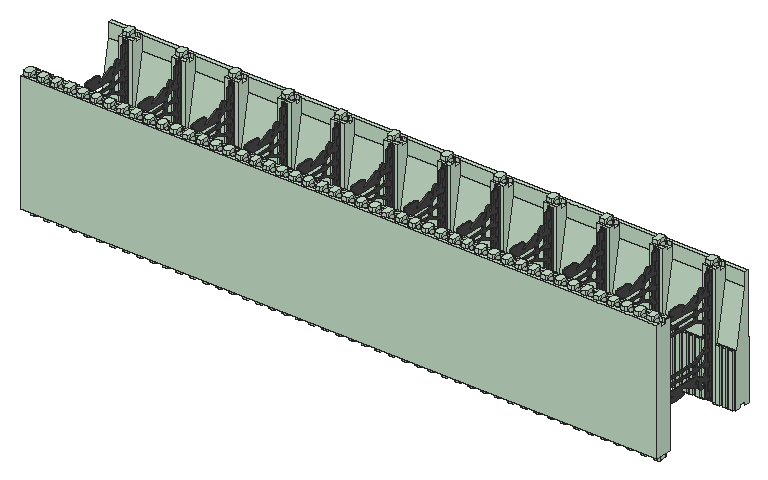
Revit family (continued)
Definition of nested family "NUDURA Logo Diamond"
  Lines and regions (mm)
    model lines
      curve 1: line (320.001, 0, 444.526) -> (311.021, 0, 453.507)
      curve 2: line (313.973, 0, 425.925) -> (320.001, 0, 431.954)
      curve 3: line (320.001, 0, 406.426) -> (313.973, 0, 412.455)
      curve 4: line (313.973, 0, 387.825) -> (320.001, 0, 393.854)
      curve 5: line (320.001, 0, 368.326) -> (313.973, 0, 374.355)
      curve 6: line (313.973, 0, 349.725) -> (320.001, 0, 355.754)
      curve 7: line (309.225, 0, 337.411) -> (322.887, 0, 323.749)
      curve 8: line (322.887, 0, 323.749) -> (324.683, 0, 325.545)
      curve 9: line (286.583, 0, 323.749) -> (300.245, 0, 337.411)
      curve 10: line (295.497, 0, 336.255) -> (284.787, 0, 325.545)
      curve 11: line (289.468, 0, 355.754) -> (295.497, 0, 349.725)
      curve 12: line (295.497, 0, 374.355) -> (289.468, 0, 368.326)
      curve 13: line (289.468, 0, 393.854) -> (295.497, 0, 387.825)
      curve 14: line (295.497, 0, 412.455) -> (289.468, 0, 406.426)
      curve 15: line (289.468, 0, 431.954) -> (295.497, 0, 425.925)
      curve 16: line (298.449, 0, 453.507) -> (289.468, 0, 444.526)
      curve 17: line (300.245, 0, 451.711) -> (291.265, 0, 442.73)
      curve 18: line (318.205, 0, 442.73) -> (309.225, 0, 451.711)
      curve 19: line (309.225, 0, 424.77) -> (318.205, 0, 433.75)
      curve 20: line (291.265, 0, 433.75) -> (300.245, 0, 424.77)
      curve 21: arc (289.468, 0, 444.526) -> (286.865, 0, 438.24) -> (289.468, 0, 431.954) r 8.89
      curve 22: arc (298.449, 0, 453.507) -> (304.735, 0, 456.111) -> (311.021, 0, 453.507) r 8.89
      curve 23: arc (291.265, 0, 442.73) -> (289.405, 0, 438.24) -> (291.265, 0, 433.75) r 6.35
      curve 24: arc (318.205, 0, 442.73) -> (320.065, 0, 438.24) -> (318.205, 0, 433.75) r 6.35
      curve 25: arc (309.225, 0, 424.77) -> (304.735, 0, 422.91) -> (300.245, 0, 424.77) r 6.35
      curve 26: arc (300.245, 0, 451.711) -> (304.735, 0, 453.571) -> (309.225, 0, 451.711) r 6.35
      curve 27: arc (320.001, 0, 444.526) -> (322.605, 0, 438.24) -> (320.001, 0, 431.954) r 8.89
      curve 28: arc (295.497, 0, 425.925) -> (298.287, 0, 419.19) -> (295.497, 0, 412.455) r 9.525
      curve 29: arc (313.973, 0, 425.925) -> (311.183, 0, 419.19) -> (313.973, 0, 412.455) r 9.525
      curve 30: line (313.973, 0, 387.825) -> (320.001, 0, 393.854)
      curve 31: line (289.468, 0, 393.854) -> (295.497, 0, 387.825)
      curve 32: line (300.245, 0, 413.611) -> (291.265, 0, 404.63)
      curve 33: line (318.205, 0, 404.63) -> (309.225, 0, 413.611)
      curve 34: line (309.225, 0, 386.67) -> (318.205, 0, 395.65)
      curve 35: line (291.265, 0, 395.65) -> (300.245, 0, 386.67)
      curve 36: arc (289.468, 0, 406.426) -> (286.865, 0, 400.14) -> (289.468, 0, 393.854) r 8.89
      curve 37: arc (291.265, 0, 404.63) -> (289.405, 0, 400.14) -> (291.265, 0, 395.65) r 6.35
      curve 38: arc (318.205, 0, 404.63) -> (320.065, 0, 400.14) -> (318.205, 0, 395.65) r 6.35
      curve 39: arc (309.225, 0, 386.67) -> (304.735, 0, 384.81) -> (300.245, 0, 386.67) r 6.35
      curve 40: arc (300.245, 0, 413.611) -> (304.735, 0, 415.471) -> (309.225, 0, 413.611) r 6.35
      curve 41: arc (320.001, 0, 406.426) -> (322.605, 0, 400.14) -> (320.001, 0, 393.854) r 8.89
      curve 42: line (295.497, 0, 412.455) -> (289.468, 0, 406.426)
      curve 43: line (320.001, 0, 406.426) -> (313.973, 0, 412.455)
      curve 44: arc (295.497, 0, 387.825) -> (298.287, 0, 381.09) -> (295.497, 0, 374.355) r 9.525
      curve 45: arc (313.973, 0, 387.825) -> (311.183, 0, 381.09) -> (313.973, 0, 374.355) r 9.525
      curve 46: line (313.973, 0, 349.725) -> (320.001, 0, 355.754)
      curve 47: line (289.468, 0, 355.754) -> (295.497, 0, 349.725)
      curve 48: line (300.245, 0, 375.511) -> (291.265, 0, 366.53)
      curve 49: line (318.205, 0, 366.53) -> (309.225, 0, 375.511)
      curve 50: line (309.225, 0, 348.57) -> (318.205, 0, 357.55)
      curve 51: line (291.265, 0, 357.55) -> (300.245, 0, 348.57)
      curve 52: arc (289.468, 0, 368.326) -> (286.865, 0, 362.04) -> (289.468, 0, 355.754) r 8.89
      curve 53: arc (291.265, 0, 366.53) -> (289.405, 0, 362.04) -> (291.265, 0, 357.55) r 6.35
      curve 54: arc (318.205, 0, 366.53) -> (320.065, 0, 362.04) -> (318.205, 0, 357.55) r 6.35
      curve 55: arc (309.225, 0, 348.57) -> (304.735, 0, 346.71) -> (300.245, 0, 348.57) r 6.35
      curve 56: arc (300.245, 0, 375.511) -> (304.735, 0, 377.371) -> (309.225, 0, 375.511) r 6.35
      curve 57: arc (320.001, 0, 368.326) -> (322.605, 0, 362.04) -> (320.001, 0, 355.754) r 8.89
      curve 58: line (295.497, 0, 374.355) -> (289.468, 0, 368.326)
      curve 59: arc (295.497, 0, 349.725) -> (298.287, 0, 342.99) -> (295.497, 0, 336.255) r 9.525
      curve 60: arc (313.973, 0, 349.725) -> (311.183, 0, 342.99) -> (313.973, 0, 336.255) r 9.525
      curve 61: line (324.683, 0, 325.545) -> (313.973, 0, 336.255)
      curve 62: line (284.787, 0, 325.545) -> (286.583, 0, 323.749)
      curve 63: arc (300.245, 0, 337.411) -> (304.735, 0, 339.271) -> (309.225, 0, 337.411) r 6.35
      curve 64: line (320.001, 0, 12.854) -> (311.021, 0, 3.874)
      curve 65: line (313.973, 0, 31.455) -> (320.001, 0, 25.426)
      curve 66: line (320.001, 0, 50.954) -> (313.973, 0, 44.925)
      curve 67: line (313.973, 0, 69.555) -> (320.001, 0, 63.526)
      curve 68: line (320.001, 0, 89.054) -> (313.973, 0, 83.025)
      curve 69: line (313.973, 0, 107.655) -> (320.001, 0, 101.626)
      curve 70: line (309.225, 0, 119.97) -> (322.887, 0, 133.632)
      curve 71: line (322.887, 0, 133.632) -> (324.683, 0, 131.836)
      curve 72: line (286.583, 0, 133.632) -> (300.245, 0, 119.97)
      curve 73: line (295.497, 0, 121.125) -> (284.787, 0, 131.836)
      curve 74: line (289.468, 0, 101.626) -> (295.497, 0, 107.655)
      curve 75: line (295.497, 0, 83.025) -> (289.468, 0, 89.054)
      curve 76: line (289.468, 0, 63.526) -> (295.497, 0, 69.555)
      curve 77: line (295.497, 0, 44.925) -> (289.468, 0, 50.954)
      curve 78: line (289.468, 0, 25.426) -> (295.497, 0, 31.455)
      curve 79: line (298.449, 0, 3.874) -> (289.468, 0, 12.854)
      curve 80: line (300.245, 0, 5.67) -> (291.265, 0, 14.65)
      curve 81: line (318.205, 0, 14.65) -> (309.225, 0, 5.67)
      curve 82: line (309.225, 0, 32.611) -> (318.205, 0, 23.63)
      curve 83: line (291.265, 0, 23.63) -> (300.245, 0, 32.611)
      curve 84: arc (289.468, 0, 12.854) -> (286.865, 0, 19.14) -> (289.468, 0, 25.426) r 8.89
      curve 85: arc (298.449, 0, 3.874) -> (304.735, 0, 1.27) -> (311.021, 0, 3.874) r 8.89
      curve 86: arc (291.265, 0, 14.65) -> (289.405, 0, 19.14) -> (291.265, 0, 23.63) r 6.35
      curve 87: arc (318.205, 0, 14.65) -> (320.065, 0, 19.14) -> (318.205, 0, 23.63) r 6.35
      curve 88: arc (309.225, 0, 32.611) -> (304.735, 0, 34.471) -> (300.245, 0, 32.611) r 6.35
      curve 89: arc (300.245, 0, 5.67) -> (304.735, 0, 3.81) -> (309.225, 0, 5.67) r 6.35
      curve 90: arc (320.001, 0, 12.854) -> (322.605, 0, 19.14) -> (320.001, 0, 25.426) r 8.89
      curve 91: arc (295.497, 0, 31.455) -> (298.287, 0, 38.19) -> (295.497, 0, 44.925) r 9.525
      curve 92: arc (313.973, 0, 31.455) -> (311.183, 0, 38.19) -> (313.973, 0, 44.925) r 9.525
      curve 93: line (313.973, 0, 69.555) -> (320.001, 0, 63.526)
      curve 94: line (289.468, 0, 63.526) -> (295.497, 0, 69.555)
      curve 95: line (300.245, 0, 43.77) -> (291.265, 0, 52.75)
      curve 96: line (318.205, 0, 52.75) -> (309.225, 0, 43.77)
      curve 97: line (309.225, 0, 70.711) -> (318.205, 0, 61.73)
      curve 98: line (291.265, 0, 61.73) -> (300.245, 0, 70.711)
      curve 99: arc (289.468, 0, 50.954) -> (286.865, 0, 57.24) -> (289.468, 0, 63.526) r 8.89
      curve 100: arc (291.265, 0, 52.75) -> (289.405, 0, 57.24) -> (291.265, 0, 61.73) r 6.35
      curve 101: arc (318.205, 0, 52.75) -> (320.065, 0, 57.24) -> (318.205, 0, 61.73) r 6.35
      curve 102: arc (309.225, 0, 70.711) -> (304.735, 0, 72.571) -> (300.245, 0, 70.711) r 6.35
      curve 103: arc (300.245, 0, 43.77) -> (304.735, 0, 41.91) -> (309.225, 0, 43.77) r 6.35
      curve 104: arc (320.001, 0, 50.954) -> (322.605, 0, 57.24) -> (320.001, 0, 63.526) r 8.89
      curve 105: line (295.497, 0, 44.925) -> (289.468, 0, 50.954)
      curve 106: line (320.001, 0, 50.954) -> (313.973, 0, 44.925)
      curve 107: arc (295.497, 0, 69.555) -> (298.287, 0, 76.29) -> (295.497, 0, 83.025) r 9.525
      curve 108: arc (313.973, 0, 69.555) -> (311.183, 0, 76.29) -> (313.973, 0, 83.025) r 9.525
      curve 109: line (313.973, 0, 107.655) -> (320.001, 0, 101.626)
      curve 110: line (289.468, 0, 101.626) -> (295.497, 0, 107.655)
      curve 111: line (300.245, 0, 81.87) -> (291.265, 0, 90.85)
      curve 112: line (318.205, 0, 90.85) -> (309.225, 0, 81.87)
      curve 113: line (309.225, 0, 108.811) -> (318.205, 0, 99.83)
      curve 114: line (291.265, 0, 99.83) -> (300.245, 0, 108.811)
      curve 115: arc (289.468, 0, 89.054) -> (286.865, 0, 95.34) -> (289.468, 0, 101.626) r 8.89
      curve 116: arc (291.265, 0, 90.85) -> (289.405, 0, 95.34) -> (291.265, 0, 99.83) r 6.35
      curve 117: arc (318.205, 0, 90.85) -> (320.065, 0, 95.34) -> (318.205, 0, 99.83) r 6.35
      curve 118: arc (309.225, 0, 108.811) -> (304.735, 0, 110.671) -> (300.245, 0, 108.811) r 6.35
      curve 119: arc (300.245, 0, 81.87) -> (304.735, 0, 80.01) -> (309.225, 0, 81.87) r 6.35
      curve 120: arc (320.001, 0, 89.054) -> (322.605, 0, 95.34) -> (320.001, 0, 101.626) r 8.89
      curve 121: line (295.497, 0, 83.025) -> (289.468, 0, 89.054)
      curve 122: arc (295.497, 0, 107.655) -> (298.287, 0, 114.39) -> (295.497, 0, 121.125) r 9.525
      curve 123: arc (313.973, 0, 107.655) -> (311.183, 0, 114.39) -> (313.973, 0, 121.125) r 9.525
      curve 124: line (324.683, 0, 131.836) -> (313.973, 0, 121.125)
      curve 125: line (284.787, 0, 131.836) -> (286.583, 0, 133.632)
      curve 126: arc (300.245, 0, 119.97) -> (304.735, 0, 118.11) -> (309.225, 0, 119.97) r 6.35
      curve 127: line (314.26, 0, 317.59) -> (295.21, 0, 317.59)
      curve 128: line (323.785, 0, 149.315) -> (323.785, 0, 308.065)
      curve 129: line (285.685, 0, 308.065) -> (285.685, 0, 149.315)
      curve 130: line (295.21, 0, 139.79) -> (314.26, 0, 139.79)
      curve 131: line (316.797, 0, 304.89) -> (305.798, 0, 311.24)
      curve 132: line (316.797, 0, 292.19) -> (316.797, 0, 304.89)
      curve 133: line (311.298, 0, 289.015) -> (316.797, 0, 292.19)
      curve 134: line (305.373, 0, 292.436) -> (311.298, 0, 289.015)
      curve 135: line (310.447, 0, 295.365) -> (305.373, 0, 292.436)
      curve 136: line (299.874, 0, 307.82) -> (310.447, 0, 301.715)
      curve 137: line (310.447, 0, 301.715) -> (310.447, 0, 295.365)
      curve 138: line (305.798, 0, 311.24) -> (299.874, 0, 307.82)
      curve 139: line (299.023, 0, 295.611) -> (304.097, 0, 298.54)
      curve 140: line (304.097, 0, 298.54) -> (298.172, 0, 301.961)
      curve 141: line (298.172, 0, 301.961) -> (292.673, 0, 298.786)
      curve 142: line (292.673, 0, 298.786) -> (292.673, 0, 286.086)
      curve 143: line (299.023, 0, 289.261) -> (299.023, 0, 295.611)
      curve 144: line (309.596, 0, 283.156) -> (299.023, 0, 289.261)
      curve 145: line (303.671, 0, 279.736) -> (309.596, 0, 283.156)
      curve 146: line (292.673, 0, 286.086) -> (303.671, 0, 279.736)
      curve 147: line (312.702, 0, 269.344) -> (296.768, 0, 272.912)
      curve 148: line (296.768, 0, 272.912) -> (296.768, 0, 267.036)
      curve 149: line (296.768, 0, 267.036) -> (308.089, 0, 264.517)
      curve 150: line (308.089, 0, 264.517) -> (296.768, 0, 260.949)
      curve 151: line (296.768, 0, 260.949) -> (296.768, 0, 251.084)
      curve 152: line (296.768, 0, 251.084) -> (309.138, 0, 248.314)
      curve 153: line (309.138, 0, 248.314) -> (309.138, 0, 247.516)
      curve 154: line (309.138, 0, 247.516) -> (301.281, 0, 248.991)
      curve 155: line (296.768, 0, 245.246) -> (296.768, 0, 237.71)
      curve 156: line (306.598, 0, 222.094) -> (306.598, 0, 228.599)
      curve 157: line (306.598, 0, 228.599) -> (296.768, 0, 230.786)
      curve 158: line (296.768, 0, 230.786) -> (296.768, 0, 215.343)
      curve 159: line (302.723, 0, 230.274) -> (312.702, 0, 228.039)
      curve 160: line (300.341, 0, 217.291) -> (300.341, 0, 223.486)
      curve 161: line (300.341, 0, 223.486) -> (306.598, 0, 222.094)
      curve 162: line (296.768, 0, 205.027) -> (296.768, 0, 197.49)
      curve 163: line (302.723, 0, 190.055) -> (310.162, 0, 188.389)
      curve 164: line (310.162, 0, 188.389) -> (310.162, 0, 176.633)
      curve 165: line (308.892, 0, 175.363) -> (307.868, 0, 175.363)
      curve 166: line (306.598, 0, 176.633) -> (306.598, 0, 180.004)
      curve 167: line (306.598, 0, 180.004) -> (307.868, 0, 179.719)
      curve 168: line (307.868, 0, 179.719) -> (307.868, 0, 186.3)
      curve 169: line (307.868, 0, 186.3) -> (296.768, 0, 188.785)
      curve 170: line (296.768, 0, 188.785) -> (296.768, 0, 182.205)
      curve 171: line (296.768, 0, 182.205) -> (304.058, 0, 180.572)
      curve 172: line (304.058, 0, 180.572) -> (304.058, 0, 177.654)
      curve 173: line (302.788, 0, 176.384) -> (296.768, 0, 176.384)
      curve 174: line (296.768, 0, 176.384) -> (296.768, 0, 164.003)
      curve 175: line (296.768, 0, 164.003) -> (299.284, 0, 162.219)
      curve 176: line (299.284, 0, 162.219) -> (299.284, 0, 153.715)
      curve 177: line (307.942, 0, 156.079) -> (301.824, 0, 160.418)
      curve 178: line (301.824, 0, 160.418) -> (301.824, 0, 154.409)
      curve 179: line (301.824, 0, 154.409) -> (307.942, 0, 156.079)
      curve 180: line (299.284, 0, 153.715) -> (296.768, 0, 153.028)
      curve 181: line (296.768, 0, 153.028) -> (296.768, 0, 146.14)
      curve 182: line (296.768, 0, 146.14) -> (312.702, 0, 150.491)
      curve 183: line (312.702, 0, 150.491) -> (312.702, 0, 159.713)
      curve 184: line (312.702, 0, 159.713) -> (298.767, 0, 169.594)
      curve 185: line (298.767, 0, 169.594) -> (302.342, 0, 169.594)
      curve 186: line (312.702, 0, 172.383) -> (312.702, 0, 193.945)
      curve 187: line (312.702, 0, 193.945) -> (302.326, 0, 196.268)
      curve 188: line (300.341, 0, 198.747) -> (300.341, 0, 201.381)
      curve 189: line (301.888, 0, 202.62) -> (312.702, 0, 200.199)
      curve 190: line (312.702, 0, 200.199) -> (312.702, 0, 206.628)
      curve 191: line (312.702, 0, 206.628) -> (306.843, 0, 207.728)
      curve 192: line (312.702, 0, 212.942) -> (312.702, 0, 227.241)
      curve 193: line (312.702, 0, 227.241) -> (309.138, 0, 228.034)
      curve 194: line (309.138, 0, 228.034) -> (309.138, 0, 217.291)
      curve 195: line (312.702, 0, 228.039) -> (312.702, 0, 234.164)
      curve 196: line (312.702, 0, 234.164) -> (302.326, 0, 236.488)
      curve 197: line (300.341, 0, 238.966) -> (300.341, 0, 241.6)
      curve 198: line (301.736, 0, 242.874) -> (312.702, 0, 240.418)
      curve 199: line (312.702, 0, 240.418) -> (312.702, 0, 253.611)
      curve 200: line (312.702, 0, 253.611) -> (302.429, 0, 255.912)
      curve 201: line (302.429, 0, 255.912) -> (312.702, 0, 259.27)
      curve 202: line (312.702, 0, 259.27) -> (312.702, 0, 269.344)
      curve 203: arc (296.768, 0, 245.246) -> (298.145, 0, 248.178) -> (301.281, 0, 248.991) r 3.81
      curve 204: arc (296.768, 0, 237.71) -> (298.44, 0, 232.946) -> (302.723, 0, 230.274) r 7.62
      curve 205: arc (300.842, 0, 208.826) -> (297.87, 0, 211.5) -> (296.768, 0, 215.343) r 7.251
      curve 206: arc (296.768, 0, 205.027) -> (297.979, 0, 207.812) -> (300.842, 0, 208.826) r 3.808
      curve 207: arc (296.768, 0, 197.49) -> (298.44, 0, 192.727) -> (302.723, 0, 190.055) r 7.62
      curve 208: arc (300.341, 0, 198.747) -> (300.898, 0, 197.159) -> (302.326, 0, 196.268) r 2.54
      curve 209: arc (300.341, 0, 201.381) -> (300.817, 0, 202.372) -> (301.888, 0, 202.62) r 1.27
      curve 210: arc (307.868, 0, 175.363) -> (306.969, 0, 175.735) -> (306.598, 0, 176.633) r 1.27
      curve 211: arc (308.892, 0, 175.363) -> (309.79, 0, 175.735) -> (310.162, 0, 176.633) r 1.27
      curve 212: arc (304.058, 0, 177.654) -> (303.686, 0, 176.756) -> (302.788, 0, 176.384) r 1.27
      curve 213: arc (302.342, 0, 169.594) -> (303.976, 0, 170.198) -> (304.826, 0, 171.718) r 2.516
      curve 214: arc (304.826, 0, 171.718) -> (309.07, 0, 168.432) -> (312.702, 0, 172.383) r 3.966
      curve 215: arc (306.843, 0, 207.728) -> (310.942, 0, 209.02) -> (312.702, 0, 212.942) r 5.249
      curve 216: arc (300.341, 0, 217.291) -> (304.739, 0, 212.893) -> (309.138, 0, 217.291) r 4.398
      curve 217: arc (300.341, 0, 238.966) -> (300.898, 0, 237.378) -> (302.326, 0, 236.488) r 2.54
      curve 218: arc (300.341, 0, 241.6) -> (300.886, 0, 242.648) -> (302.057, 0, 242.802) r 1.279
      curve 219: arc (285.685, 0, 308.065) -> (288.475, 0, 314.8) -> (295.21, 0, 317.59) r 9.525
      curve 220: arc (314.26, 0, 317.59) -> (320.995, 0, 314.8) -> (323.785, 0, 308.065) r 9.525
      curve 221: arc (285.685, 0, 149.315) -> (288.475, 0, 142.58) -> (295.21, 0, 139.79) r 9.525
      curve 222: arc (314.26, 0, 139.79) -> (320.995, 0, 142.58) -> (323.785, 0, 149.315) r 9.525
      curve 223: line (253.935, 0, 457.2) -> (253.935, 0, 0)
      curve 224: line (355.535, 0, 457.2) -> (355.535, 0, 0)
      curve 225: line (406.335, 0, 457.2) -> (406.335, 0, 0)
